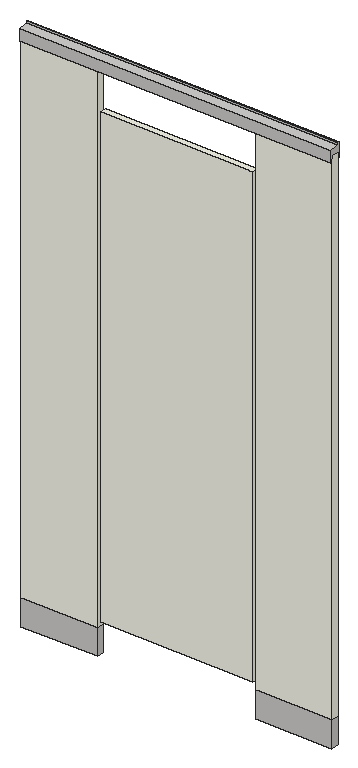
Revit family
Parameters (values of type "B2092")
  URL = "http://www.bobrick.com"
  Right Stile Headrail Value = if(Right Stile Visible, Right Stile Value, 0")  # 12"
  Partition Material = Laminated Plastic - Bobrick - Designer White
  Panel Value = if(DoorPanel Width < 1", 1", if(DoorPanel Width > 84", 84", DoorPanel Width))  # 24"
  Model = "B2092 SierraSeries Overhead Braced"
  Manufacturer = "Bobrick Washroom Equipment, Inc."
  Left Stile Headrail Value = if(Left Stile Visible, Left Stile Value, 0")  # 12"
  Inswing Value = if(DoorPanel Width < 22", 22", if(DoorPanel Width > 37", 37", DoorPanel Width))  # 24"
  DoorPanel Width = 24"
  Right Stile Width = 12"
  Right Stile Visible = yes
  Right Stile Value = if(Right Stile Width < 3", 3", if(Right Stile Width > 24", 24", Right Stile Width))  # 12"
  Panel = not(Door Panel)  # no
  Outswing Value = if(DoorPanel Width < 25", 25", if(DoorPanel Width > 37", 37", DoorPanel Width))  # 25"
  Outswing = and(not(Inswing Visibility), Door Panel)  # no
  Left Stile Width = 12"
  Left Stile Visible = yes
  Left Stile Value = if(Left Stile Width < 3", 3", if(Left Stile Width > 24", 24", Left Stile Width))  # 12"
  Inswing Visibility = and(Inswing, Door Panel)  # yes
  Inswing = yes
  Width Value = if(Inswing Visibility, Inswing Value, if(Outswing, Outswing Value, if(Panel, Panel Value, 36")))  # 24"
  Door Panel = yes
  Description = "Water and Fire-Resistant Solid Color Reinforced Composite Partitions and Screens"
  Assembly Code = "C1030200"
  ADA Compliant = yes
Reference planes (in)
  plane 1 "Center (Front/Back)": y = 0
  plane 2: z = 0
  plane 3 "Center (Left/Right)": x = 0
  plane 4: x = -24.5
  plane 5: x = 24.5
  plane 6: y = 0.5
  plane 7: y = -0.5
  plane 8: x = -12.5
  plane 9: x = 12.5
  plane 10: x = -12
  plane 11: x = 12
  plane 12: z = 4
  plane 13: z = 5
  plane 14: z = 77
  plane 15: z = 41
  plane 16: y = 24.5
  plane 17: x = 11
  plane 18: z = 85
  plane 19: z = 83.5625
  plane 20: z = 82.8125
  plane 21: z = 84.31651
Forms (in)
  Extrusion 1, solid, material "Laminated Plastic - Bobrick - Designer White" <- "Partition Material", visible <- "Left Stile Visible"
    sketch origin (0, 0, 0) x (1, 0, 0) y (0, 1, 0)
      loop
        line (-24.5, 0.5) -> (-24.5, -0.5) -> (-12.5, -0.5) -> (-12.5, 0.5) -> (-24.5, 0.5)
    from 4 to 83.5625
  Extrusion 2, solid, material "Stainless Steel - Bobrick - Satin", visible <- "Left Stile Visible"
    sketch origin (0, 0, 0) x (1, 0, 0) y (0, 1, 0)
      loop
        line (-24.5, 0.5) -> (-24.5, -0.5) -> (-12.5, -0.5) -> (-12.5, 0.5) -> (-24.5, 0.5)
    from 0 to 4
  Extrusion 3, solid, material "Laminated Plastic - Bobrick - Designer White" <- "Partition Material"
    sketch origin (0, 0, 0) x (1, 0, 0) y (0, 1, 0)
      loop
        line (-12, 0.5) -> (-12, -0.5) -> (12, -0.5) -> (12, 0.5) -> (-12, 0.5)
    from 5 to 77
  Extrusion 4, solid, material "Laminated Plastic - Bobrick - Designer White" <- "Partition Material", visible <- "Right Stile Visible"
    sketch origin (0, 0, 0) x (-1, 0, 0) y (0, -1, 0)
      loop
        line (-24.5, -0.5) -> (-12.5, -0.5) -> (-12.5, 0.5) -> (-24.5, 0.5) -> (-24.5, -0.5)
    from 4 to 83.5625
  Extrusion 5, solid, material "Stainless Steel - Bobrick - Satin", visible <- "Right Stile Visible"
    sketch origin (0, 0, 0) x (-1, 0, 0) y (0, -1, 0)
      loop
        line (-24.5, -0.5) -> (-12.5, -0.5) -> (-12.5, 0.5) -> (-24.5, 0.5) -> (-24.5, -0.5)
    from 0 to 4
  Sweep 6, solid, material "Stainless Steel - Bobrick - Satin"
    path origin (0, 0, 0) x (1, 0, 0) y (0, 0, 1)
      loop
        line (-24.5, 85) -> (24.5, 85)
    profile origin (0, 0, 85) x (0, 0, 1) y (0, -1, 0)
      loop
        line (0, -0.5) -> (-0.25, -0.5) -> (-0.5625, 0.75) -> (-2.1875, 0.75) -> (-2.1875, 0.5) -> (-1.4375, 0.5) -> (-1.4375, -0.5) -> (-2.1875, -0.5) -> (-2.1875, -0.75) -> (0, -0.75) -> (0, -0.5)
Lines and regions (in)
  Masking region 1, visible <- "Left Stile Visible"
    outline origin (0, 0, 0) x (1, 0, 0) y (0, 0, 1)
      loop
        line (-24.5, 82.8125) -> (-24.5, 0) -> (-12.5, 0) -> (-12.5, 82.8125) -> (-24.5, 82.8125)
  Masking region 2
    outline origin (0, 0, 0) x (1, 0, 0) y (0, 0, 1)
      loop
        line (-12, 77) -> (-12, 5) -> (12, 5) -> (12, 77) -> (-12, 77)
  Masking region 3, visible <- "Right Stile Visible"
    outline origin (0, 0, 0) x (1, 0, 0) y (0, 0, 1)
      loop
        line (12.5, 82.8125) -> (12.5, 0) -> (24.5, 0) -> (24.5, 82.8125) -> (12.5, 82.8125)
  Masking region 4, visible <- "Door Panel"
    outline origin (0, 0, 0) x (1, 0, 0) y (0, 1, 0)
      loop
        line (11, 24.5) -> (11, 0.5) -> (12, 0.5) -> (12, 24.5) -> (11, 24.5)
  Masking region 5, visible <- "Left Stile Visible"
    outline origin (0, 0, 0) x (1, 0, 0) y (0, 1, 0)
      loop
        line (-24.5, 0.5) -> (-24.5, -0.5) -> (-12.5, -0.5) -> (-12.5, 0.5) -> (-24.5, 0.5)
  Masking region 6, visible <- "Right Stile Visible"
    outline origin (0, 0, 0) x (1, 0, 0) y (0, 1, 0)
      loop
        line (12.5, 0.5) -> (12.5, -0.5) -> (24.5, -0.5) -> (24.5, 0.5) -> (12.5, 0.5)
  Masking region 7, visible <- "Panel"
    outline origin (0, 0, 0) x (1, 0, 0) y (0, 1, 0)
      loop
        line (-12, -0.5) -> (12, -0.5) -> (12, 0.5) -> (-12, 0.5) -> (-12, -0.5)
  Masking region 8
    outline origin (0, 0, 0) x (0, 1, 0) y (0, 0, 1)
      loop
        line (0.5, 83.5625) -> (-0.5, 83.5625) -> (-0.5, 0) -> (0.5, 0) -> (0.5, 83.5625)
  Masking region 9
    outline origin (0, 0, 0) x (1, 0, 0) y (0, 0, 1)
      loop
        line (24.5, 85) -> (-24.5, 85) -> (-24.5, 82.8125) -> (24.5, 82.8125) -> (24.5, 85)
  Masking region 10
    outline origin (0, 0, 0) x (0, 1, 0) y (0, 0, 1)
      loop
        line (0.75, 82.8125) -> (0.75, 85) -> (0.5, 85) -> (0.5, 84.75) -> (-0.75, 84.4375) -> (-0.75, 82.8125) -> (-0.5, 82.8125) -> (-0.5, 83.5625) -> (0.5, 83.5625) -> (0.5, 82.8125) -> (0.75, 82.8125)
  symbolic lines, visible <- "Left Stile Visible"
    curve 1: line (-24.5, 0, 4) -> (-12.5, 0, 4)
  symbolic lines, visible <- "Right Stile Visible"
    curve 2: line (12.5, 0, 4) -> (24.5, 0, 4)
  symbolic lines, style "Partition Elevation Swing", visible <- "Door Panel"
    curve 3: line (-12, 0, 77) -> (12, 0, 40.89791)
    curve 4: line (12, 0, 40.89791) -> (-12, 0, 5)
    curve 5: arc (-12, 0.5, 0) -> (-4.97056, 17.47056, 0) -> (12, 24.5, 0) r 24
  symbolic lines, style "Partition"
    curve 6: line (0, 0.5, 4) -> (0, -0.5, 4)
    curve 7: line (-24.5, 0, 84.31651) -> (24.5, 0, 84.31651)
Dimensions and locks (in)
  equal spacing: host sketch curve, plane 1 "Center (Front/Back)", host sketch curve
  equal spacing: host sketch curve, plane 3 "Center (Left/Right)", host sketch curve
  host sketch curve to host sketch curve = 120"  (x2)
  locked: plane 8 to plane 10 at 0.5
  locked: plane 11 to plane 9 at 0.5
  "Width Value": plane 10 to plane 11
  equal spacing: plane 10, plane 3 "Center (Left/Right)", plane 11
  "Left Stile Value": plane 4 to plane 8
  "Right Stile Value": plane 9 to plane 5
  locked: plane 12 to level at 4
  locked: plane 13 to level at 5
  locked: plane 18 to level at 85
  locked: plane 6 to plane 7 at 1
  equal spacing: plane 6, plane 1 "Center (Front/Back)", plane 7
  equal spacing: plane 14, plane 15, plane 13
  "Width Value": plane 16 to plane 6
  locked: plane 17 to plane 11 at 1
  locked: plane 14 to plane 13 at 72
  "Left Stile Headrail Value": plane 8 to Sweep 6 sketch curve
  "Right Stile Headrail Value": Sweep 6 sketch curve to plane 9
  locked: plane 18 to plane 19 at 1.4375
  locked: plane 18 to plane 20 at 2.1875
  aligned and locked: level to plane 2
  aligned and locked: Extrusion 1 sketch curve to plane 6
  aligned and locked: plane 4 to Extrusion 1 sketch curve
  aligned and locked: plane 7 to Extrusion 1 sketch curve
  aligned and locked: Extrusion 1 sketch curve to plane 8
  aligned: Extrusion 1 to level
  aligned: plane 14 to Extrusion 1
  aligned and locked: Extrusion 1 to plane 12
  aligned and locked: plane 4 to Extrusion 2 sketch curve
  aligned and locked: Extrusion 2 sketch curve to plane 6
  aligned and locked: Extrusion 2 sketch curve to plane 8
  aligned and locked: plane 7 to Extrusion 2 sketch curve
  aligned and locked: plane 12 to Extrusion 2
  aligned and locked: Extrusion 2 to level
  aligned and locked: plane 10 to Extrusion 3 sketch curve
  aligned and locked: Extrusion 3 sketch curve to plane 6
  aligned and locked: plane 7 to Extrusion 3 sketch curve
  aligned and locked: Extrusion 3 sketch curve to plane 11
  aligned and locked: plane 14 to Extrusion 3
  aligned and locked: Extrusion 3 to plane 13
  aligned and locked: Extrusion 5 sketch curve to plane 9
  aligned and locked: plane 6 to Extrusion 5 sketch curve
  aligned and locked: plane 5 to Extrusion 5 sketch curve
  aligned and locked: Extrusion 5 sketch curve to plane 7
  aligned and locked: Extrusion 4 sketch curve to plane 9
  aligned and locked: plane 6 to Extrusion 4 sketch curve
  aligned and locked: Extrusion 4 sketch curve to plane 7
  aligned and locked: plane 5 to Extrusion 4 sketch curve
  aligned: plane 14 to Extrusion 4
  aligned and locked: Masking region 1 sketch curve to plane 4
  aligned and locked: Masking region 1 sketch curve to level
  aligned and locked: Masking region 1 sketch curve to plane 8
  aligned and locked: Masking region 2 sketch curve to plane 14
  aligned and locked: Masking region 2 sketch curve to plane 10
  aligned and locked: Masking region 2 sketch curve to plane 11
  aligned and locked: Masking region 2 sketch curve to plane 13
  aligned and locked: Masking region 3 sketch curve to plane 9
  aligned and locked: Masking region 3 sketch curve to plane 5
  aligned and locked: Masking region 3 sketch curve to level
  aligned and locked: curve 1 to plane 12
  aligned and locked: plane 4 to curve 1
  aligned and locked: plane 8 to curve 1
  aligned and locked: curve 2 to plane 12
  aligned and locked: plane 5 to curve 2
  aligned and locked: plane 9 to curve 2
  aligned and locked: plane 14 to curve 3
  aligned and locked: plane 10 to curve 3
  aligned and locked: plane 11 to curve 4
  aligned and locked: plane 10 to curve 4
  aligned and locked: plane 13 to curve 4
  aligned and locked: Masking region 4 sketch curve to plane 16
  aligned and locked: plane 17 to Masking region 4 sketch curve
  aligned and locked: plane 6 to Masking region 4 sketch curve
  aligned and locked: Masking region 4 sketch curve to plane 11
  aligned and locked: Masking region 5 sketch curve to plane 6
  aligned and locked: plane 4 to Masking region 5 sketch curve
  aligned and locked: plane 7 to Masking region 5 sketch curve
  aligned and locked: Masking region 5 sketch curve to plane 8
  aligned and locked: Masking region 6 sketch curve to plane 6
  aligned and locked: plane 9 to Masking region 6 sketch curve
  aligned and locked: plane 7 to Masking region 6 sketch curve
  aligned and locked: Masking region 6 sketch curve to plane 5
  aligned and locked: Masking region 4 to curve 5
  aligned and locked: plane 10 to curve 5
  aligned and locked: plane 6 to curve 5  (x2)
  aligned and locked: plane 11 to curve 5
  aligned and locked: Masking region 7 sketch curve to plane 7
  aligned and locked: Masking region 7 sketch curve to plane 10
  aligned and locked: plane 6 to Masking region 7 sketch curve
  aligned and locked: plane 11 to Masking region 7 sketch curve
  aligned and locked: level to Masking region 8 sketch curve
  aligned and locked: Masking region 8 sketch curve to plane 6
  aligned and locked: plane 7 to Masking region 8 sketch curve
  aligned and locked: plane 12 to curve 6
  aligned and locked: plane 7 to curve 6
  aligned and locked: plane 6 to curve 6
  aligned and locked: Sweep 6 sketch curve to plane 18
  aligned: Extrusion 1 to Masking region 1
  aligned: Masking region 1 sketch curve to plane 20
  aligned and locked: Masking region 3 sketch curve to plane 20
  aligned and locked: plane 19 to Extrusion 4
  aligned and locked: Masking region 9 sketch curve to plane 4
  aligned and locked: plane 5 to Masking region 9 sketch curve
  aligned and locked: plane 18 to Masking region 9 sketch curve
  aligned and locked: curve 7 to plane 21
  aligned and locked: plane 4 to curve 7
  aligned and locked: plane 5 to curve 7
  aligned and locked: plane 19 to Extrusion 1
  aligned and locked: Masking region 8 sketch curve to plane 19
  aligned and locked: plane 20 to Masking region 10 sketch curve
  aligned and locked: Masking region 10 sketch curve to Sweep 6  (x9)
  aligned and locked: Extrusion 5 to level
  aligned and locked: Extrusion 4 to plane 12
  aligned and locked: plane 12 to Extrusion 5
Automatic sketch dimensions
  curve 4 to plane 15 = 0.10209"
  profile plane to Sweep 6 sketch curve = 0"
  profile plane to Sweep 6 sketch curve = 1/4"
  profile plane to Sweep 6 sketch curve = 9/16"
  Sweep 6 sketch curve to Sweep 6 sketch curve = 7/8"
  Sweep 6 sketch curve to Sweep 6 sketch curve = 3/4"  (x2)
  Sweep 6 sketch curve to plane 1 "Center (Front/Back)" = 3/4"
  Sweep 6 sketch curve to Sweep 6 sketch curve = 1/4"  (x2)
  plane 1 "Center (Front/Back)" to Sweep 6 sketch curve = 1/2"
  plane 1 "Center (Front/Back)" to Sweep 6 sketch curve = 3/4"
  Masking region 9 sketch curve to plane 20 = 0"
  Masking region 1 sketch curve to plane 20 = 0"
